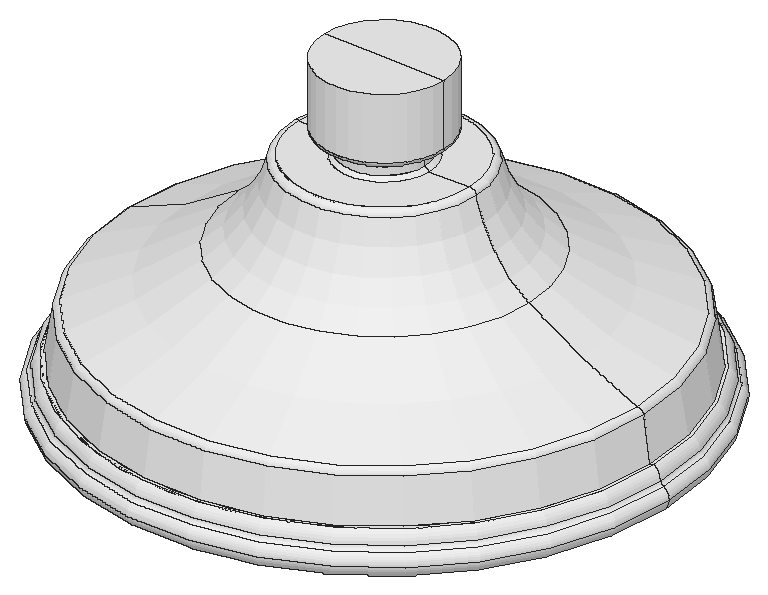
Revit family "Shower_Head-GROHE-Euphoria_Rustic_130-28737000", category Plumbing Fixtures, Revit 2014
Parameters
  cUPC Compliant = yes
  Width = 5 1/16"  # constant formula
  Waste Connection = no
  Warranty Documentation Link = "https://cdn.cloud.grohe.com/tpi/1000/1900/1940/1949/1949006/original/1949006.pdf"
  WFU = 4
  Vent Connection = no
  URL = "https://www.grohe.us/"
  Tempered Water Connection Radius = 1/4"  # constant formula
  Tempered Water Connection Diameter = Tempered Water Connection Radius * 2  # 1/2"
  Product Page URL = "https://www.grohe.us/en_us/shower-head-1-spray-28737000.html"
  Price = "Prices may vary. Please consult Manufacturer Representative for most up-to-date price list."  # constant formula
  Model = "28737000"
  Material = "Metal-Grohe-000-Chrome"
  Manufacturer = "GROHE"
  Hot Water Connection Radius = Tempered Water Connection Radius  # 1/4"
  Hot Water Connection Diameter = Hot Water Connection Radius * 2  # 1/2"
  Height = 3 3/8"  # constant formula
  HWFU = 3
  HW Connection = yes
  Flow Rate = "2.0GPM (7.6L/min)"
  Finish = Metal-Grohe-000-Chrome
  Description = "Euphoria Rustic 130"  # constant formula
  Default Elevation = 0"
  Creation Date = "2017/04/24"  # constant formula
  Cold Water Connection Radius = Hot Water Connection Radius  # 1/4"
  Cold Water Connection Diameter = Cold Water Connection Radius * 2  # 1/2"
  CWFU = 3
  CW Connection = yes
  Assembly Code = "D2010700"
Reference planes (in)
  plane 1 "Center (Front/Back)": y = 0
  plane 2: z = 0
  plane 3 "Center (Left/Right)": x = 0
  plane 4: z = -3.375
  plane 5: x = -2.53125
  plane 6: x = 2.53125
Forms (in)
  Revolve 1, solid, material "Metal-Grohe-000-Chrome" <- "Finish"
    sketch origin (0, 0, 0) x (1, 0, 0) y (0, 0, 1)
      loop
        line (0, 0) -> (-0.5315, 0) -> (-0.5315, -0.54618)
        arc (-0.5315, -0.54618) -> (-0.52617, -0.5644) -> (-0.51186, -0.57686) r 0.03378
        arc (-0.51186, -0.57686) -> (-0.4587, -0.59859) -> (-0.40383, -0.61557) r 0.65303
        arc (-0.40383, -0.61557) -> (-0.37524, -0.6345) -> (-0.36417, -0.66695) r 0.05311
        line (-0.36417, -0.66695) -> (-0.36417, -0.73661) -> (-0.39702, -0.76946) -> (-0.75879, -0.76946)
        arc (-0.75879, -0.76946) -> (-0.79683, -0.78288) -> (-0.81803, -0.8172) r 0.06063
        arc (-0.81803, -0.8172) -> (-0.98485, -1.2071) -> (-1.28435, -1.50736) r 1.12321
        arc (-1.28435, -1.50736) -> (-1.75518, -1.78173) -> (-2.25932, -1.98861) r 3.94567
        arc (-2.25932, -1.98861) -> (-2.2906, -2.00917) -> (-2.30747, -2.04259) r 0.07254
        arc (-2.30747, -2.04259) -> (-2.34088, -2.22494) -> (-2.36501, -2.40875) r 3.66124
        line (-2.36501, -2.40875) -> (-2.39843, -2.40875)
        arc (-2.39843, -2.40875) -> (-2.43964, -2.4529) -> (-2.4576, -2.51056) r 0.13567
        arc (-2.4576, -2.51056) -> (-2.46571, -2.53543) -> (-2.4843, -2.55384) r 0.05559
        arc (-2.4843, -2.55384) -> (-2.52176, -2.59465) -> (-2.53125, -2.64923) r 0.09846
        arc (-2.53125, -2.64923) -> (-2.50894, -2.70889) -> (-2.46118, -2.75104) r 0.13135
        arc (-2.46118, -2.75104) -> (-2.44197, -2.75881) -> (-2.42166, -2.76286) r 0.11055
        arc (-2.42166, -2.76286) -> (-2.25973, -2.77537) -> (-2.09738, -2.77955) r 3.15895
        line (-2.09738, -2.77955) -> (-2.04715, -2.77955)
        arc (-2.04715, -2.77955) -> (-1.066, -3.22311) -> (0, -3.375) r 3.81675
        line (0, -3.375) -> (0, 0)
      axis (0, 0) -> (0, -3.375)
    angle from 0 to 360
Lines and regions (in)
  Masking region 1
    outline origin (0, 0, 0) x (1, 0, 0) y (0, 1, 0)
      loop
        circle (0, 0) r 2.5335
  model lines, style "Default"
    curve 1: line (0, -8.39698, 41.71415) -> (0, -8.39698, 41.7352)
  symbolic lines, detail levels medium+fine
    curve 2: circle (0, 0, 0) r 0.5315 normal (0, 0, 1)
  symbolic lines, detail levels fine
    curve 3: circle (0, 0, 0) r 2.39843 normal (0, 0, 1)
    curve 4: circle (0, 0, 0) r 2.36501 normal (0, 0, 1)
Dimensions and locks (in)
  "Height": level to plane 4
  equal spacing: plane 6, plane 3 "Center (Left/Right)", plane 5
  "Width": plane 6 to plane 5
Automatic sketch dimensions
  plane 1 "Center (Front/Back)" to curve 1 = 8.39698"
  level to curve 1 = 41.71415"
  curve 1 to curve 1 = 0.02105"
  Revolve 1 sketch curve to plane 5 = 0"  (x2)
  Revolve 1 sketch curve to level = 0"
  Revolve 1 sketch curve to plane 3 "Center (Left/Right)" = 0"  (x2)
  Revolve 1 sketch curve to plane 4 = 0"
  Revolve 1 sketch curve to plane 5 = 0.97037"
  plane 5 to Revolve 1 sketch curve = 0.01822"
  plane 5 to Revolve 1 sketch curve = 0.09783"
  Revolve 1 sketch curve to Revolve 1 sketch curve = 0.02311"
  Revolve 1 sketch curve to Revolve 1 sketch curve = 0.00957"
  plane 5 to Revolve 1 sketch curve = 17/128"
  Revolve 1 sketch curve to Revolve 1 sketch curve = 0.03342"
  Revolve 1 sketch curve to Revolve 1 sketch curve = 0.04266"
  plane 5 to Revolve 1 sketch curve = 0.29477"
  Revolve 1 sketch curve to Revolve 1 sketch curve = 0.30336"
  Revolve 1 sketch curve to Revolve 1 sketch curve = 0.05022"
  plane 5 to Revolve 1 sketch curve = 0.61571"
  Revolve 1 sketch curve to plane 3 "Center (Left/Right)" = 0.75879"
  Revolve 1 sketch curve to Revolve 1 sketch curve = 0.5315"
  Revolve 1 sketch curve to Revolve 1 sketch curve = 0.03378"
  Revolve 1 sketch curve to Revolve 1 sketch curve = 0.08043"
  Revolve 1 sketch curve to Revolve 1 sketch curve = 0.02026"
  Revolve 1 sketch curve to Revolve 1 sketch curve = 0.03285"  (x2)
  level to Revolve 1 sketch curve = 0.01616"
  Revolve 1 sketch curve to plane 3 "Center (Left/Right)" = 0.23843"
  plane 4 to Revolve 1 sketch curve = 0.58176"
  plane 6 to Revolve 1 sketch curve = 1.25526"
  Revolve 1 sketch curve to Revolve 1 sketch curve = 0.59545"
  Revolve 1 sketch curve to Revolve 1 sketch curve = 0.12665"
  Revolve 1 sketch curve to Revolve 1 sketch curve = 0.01476"
  Revolve 1 sketch curve to Revolve 1 sketch curve = 0.01847"
  Revolve 1 sketch curve to Revolve 1 sketch curve = 0.11335"
  Revolve 1 sketch curve to Revolve 1 sketch curve = 0.14299"
  Revolve 1 sketch curve to Revolve 1 sketch curve = 0.11232"
  Revolve 1 sketch curve to Revolve 1 sketch curve = 0.35128"
  Revolve 1 sketch curve to level = 0.8301"
  Revolve 1 sketch curve to Revolve 1 sketch curve = 0.06063"
  Revolve 1 sketch curve to Revolve 1 sketch curve = 0.06967"
  Revolve 1 sketch curve to level = 0.57827"
  Revolve 1 sketch curve to Revolve 1 sketch curve = 0.06939"
  level to Revolve 1 sketch curve = 0.3794"
  level to Revolve 1 sketch curve = 1.75638"
  Revolve 1 sketch curve to Revolve 1 sketch curve = 0"  (x6)
  Revolve 1 sketch curve to Revolve 1 sketch curve = 0.62996"
  Revolve 1 sketch curve to Revolve 1 sketch curve = 0.67829"
  plane 1 "Center (Front/Back)" to Masking region 1 sketch curve = 0"
  Masking region 1 sketch curve to plane 3 "Center (Left/Right)" = 0"
  curve 2 to curve 3 = 0"  (x2)
  curve 2 to curve 4 = 0"  (x2)
  curve 3 to curve 4 = 0"  (x2)
  plane 1 "Center (Front/Back)" to curve 3 = 0"
  curve 3 to plane 3 "Center (Left/Right)" = 0"
  radius of Masking region 1 sketch curve = 2.5335"
  radius of curve 2 = 0.5315"
  radius of curve 3 = 2 51/128"
  radius of curve 4 = 2.36501"
Connectors (in)
  piping at (0, 0, 0), diameter 0.5, driven by "Tempered Water Connection Diameter"
    settings: on Revolve 1, index 1, connector inside diameter 24", connector length 0", flow factor 0, pipe flow 0 GPM, pressure drop 0.00 psi, fitting loss kfactor 0, connector angle 0.00°, fixture units 0, engagement length 0", angle of deflection 0.00°, flow configuration 0, flow direction 1, fitting loss method 0, system type 29, joint type 0, gender type 0, connector reference index -1, connector utility 0, adjustable connector no, is connector primary yes, connector description "1/2\" NPT Supply Inlet"
